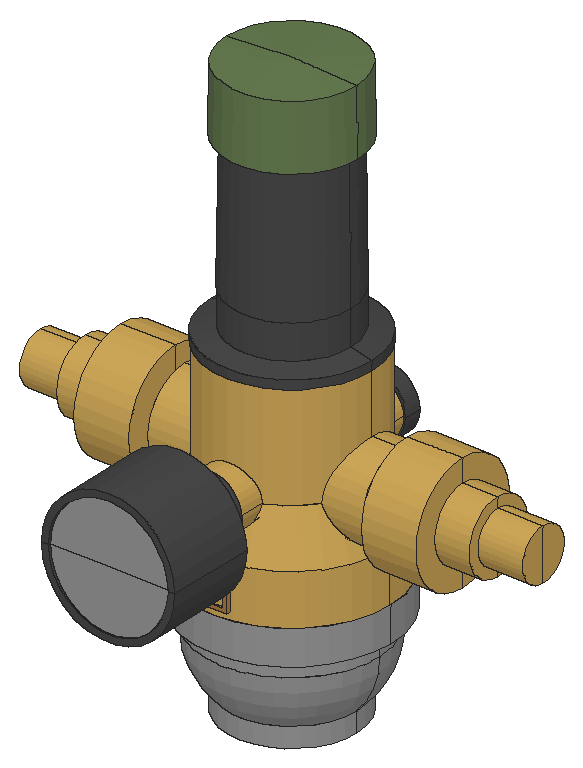
Revit family "Druckminderer mit Kunststoffkappe 2682", category Rohrzubehör, Revit 2021
Family settings
  Bemaßung runder Anschluss = Durchmesser verwenden
  Teiletyp = Unterbricht
  OmniClass-Nummer = 23.65.55.14
  OmniClass-Titel = Valves for Liquid Services
  Arbeitsebenenbasiert = Nein
  Immer vertikal = Ja
  Beim Laden mit Abzugskörper schneiden = Nein
  Gemeinsam genutzt = Nein
Parameters (values of type "Manometer vorne")
  Werkseinstellung (sekundärseitig) = 300000.0 Pa  # constant formula
  W01 = 91.00°  # constant formula
  Vorne [instance] = yes
  Vorgabe-Ansicht = 0.000 mm
  VRL03 [instance] = size_lookup("2682_K_", "VRL3", 1.000 mm, Nennweite)  # 23.500 mm
  VRL02 [instance] = size_lookup("2682_K_", "VRL2", 1.000 mm, Nennweite)  # 16.000 mm
  VRL01 [instance] = size_lookup("2682_K_", "VRL1", 1.000 mm, Nennweite)  # 73.500 mm
  VRD02 [instance] = size_lookup("2682_K_", "VRD2", 1.000 mm, Nennweite)  # 17.000 mm
  VRD01 [instance] = size_lookup("2682_K_", "VRD1", 1.000 mm, Nennweite)  # 10.500 mm
  VRAG [instance] = Nennweite / 2  # 7.500 mm
  URL = "www.herz-armaturen.at"
  Standard = "EN 1567"  # constant formula
  SC_NennweiteBerechnet = 0
  SC_Dimension = ""
  SCTWSEQ = "AW;SBT_TYP_AW=\"111\";2"
  SCTWCODE = "04;24;02"  # constant formula
  S02 = 10.000 mm  # constant formula
  S01 [instance] = VRD02 * 2  # 34.000 mm
  R07 [instance] = R05 + 0.800 mm  # 9.300 mm
  R06 = 19.500 mm  # constant formula
  R05 [instance] = size_lookup("2682_K_", "R5", 1.000 mm, Nennweite)  # 8.500 mm
  R04 [instance] = size_lookup("2682_K_", "R4", 1.000 mm, Nennweite)  # 18.900 mm
  R03 [instance] = size_lookup("2682_K_", "R3", 1.000 mm, Nennweite)  # 19.250 mm
  R02 [instance] = size_lookup("2682_K_", "R2", 1.000 mm, Nennweite)  # 28.750 mm
  R01 [instance] = size_lookup("2682_K_", "R1", 1.000 mm, Nennweite)  # 23.250 mm
  Oberteile = "PA6.6"  # constant formula
  Nennweite [instance] = 15.000 mm
  Membrane = "EPDM"  # constant formula
  Medium = "Wasser"  # constant formula
  Max. Vordruck (primärseitig) = 1600000.0 Pa  # constant formula
  Max. Betriebstemperatur = 40 °C  # constant formula
  Maschenweite Filter = "0.3 mm"  # constant formula
  Manometerskala = "0 - 10 bar"  # constant formula
  Manometeranschluss (beidseitig) = "1/4\" F (ISO 228-1)"
  LO01 [instance] = H02 - 2.000 mm  # 27.000 mm
  L01 [instance] = size_lookup("2682_K_", "L1", 1.000 mm, Nennweite)  # 10.600 mm
  L00 [instance] = size_lookup("2682_K_", "L", 1.000 mm, Nennweite)  # 84.000 mm
  Kappe = "PA12, transparent"  # constant formula
  Holländeranschlüsse = "Messing CW617N"  # constant formula
  Hinweis = "Gemäß Art 33 der REACH-Verordnung (EG Nr. 1907/2006) sind wir verpflichtet, darauf hinzuweisen, dass der Stoff Blei auf der SVHC-Liste geführt wird und dass alle aus Messing bestehenden Bauteile, die in unseren Erzeugnissen verarbeitet sind, mehr als 0,1 % (w/w) Blei (CAS: 7439-92-1 / EINECS: 231-100-4) enthalten.\r\nDa Blei als Legierungsbestandteil fest gebunden ist, sind keine Expositionen zu erwarten und daher sind keine zusätzlichen Angaben zur sicheren Verwendung notwendig."
  Hinten [instance] = no
  Hersteller = "HERZ Armaturen Ges.m.b.H."  # constant formula
  Handgriff = "PA 6.6, grün"  # constant formula
  H12 [instance] = size_lookup("2682_K_", "H12", 1.000 mm, Nennweite)  # 5.800 mm
  H11 [instance] = size_lookup("2682_K_", "H11", 1.000 mm, Nennweite)  # 10.000 mm
  H10 [instance] = size_lookup("2682_K_", "H10", 1.000 mm, Nennweite)  # 37.000 mm
  H09 [instance] = H01 + H04 - H05  # 84.500 mm
  H08 [instance] = size_lookup("2682_K_", "H8", 1.000 mm, Nennweite)  # 20.000 mm
  H07 [instance] = size_lookup("2682_K_", "H7", 1.000 mm, Nennweite)  # 10.000 mm
  H06 [instance] = size_lookup("2682_K_", "H6", 1.000 mm, Nennweite)  # 2.500 mm
  H05 [instance] = size_lookup("2682_K_", "H5", 1.000 mm, Nennweite)  # 4.700 mm
  H04 [instance] = size_lookup("2682_K_", "H4", 1.000 mm, Nennweite)  # 58.700 mm
  H03 [instance] = D02 + 1.000 mm  # 14.220 mm
  H02 [instance] = size_lookup("2682_K_", "H2", 1.000 mm, Nennweite)  # 29.000 mm
  H01 [instance] = size_lookup("2682_K_", "H1", 1.000 mm, Nennweite)  # 30.500 mm
  Gehäuse (DN32-DN50) = "Gussmessing (EN 1982; CC770S)"  # constant formula
  Gehäuse (DN15-DN25) = "geschmiedetes Messing (EN 12165; CW626N)"  # constant formula
  GT1 [instance] = size_lookup("2682_K_", "GT1", 1.000 mm, Nennweite)  # 12.000 mm
  GT [instance] = size_lookup("2682_K_", "GT", 1.000 mm, Nennweite)  # 13.200 mm
  Filter = "Edelstahl"  # constant formula
  Federführung = "Edelstahl"  # constant formula
  Feder = "Federstahl"  # constant formula
  Einstellbereich (sekundärseitig) = "1.5 - 6 bar"  # constant formula
  Dichtung im Druckreduziererelement = "EPDM"  # constant formula
  Dichtung der Holländeranschlüsse = "Klingersil C-4324"  # constant formula
  D09 [instance] = size_lookup("2682_K_", "D9", 1.000 mm, Nennweite)  # 19.000 mm
  D08 [instance] = size_lookup("2682_K_", "D8", 1.000 mm, Nennweite)  # 25.800 mm
  D07 [instance] = size_lookup("2682_K_", "D7", 1.000 mm, Nennweite)  # 29.000 mm
  D06 [instance] = size_lookup("2682_K_", "D6", 1.000 mm, Nennweite)  # 16.000 mm
  D05 [instance] = size_lookup("2682_K_", "D5", 1.000 mm, Nennweite)  # 16.800 mm
  D04 [instance] = size_lookup("2682_K_", "D4", 1.000 mm, Nennweite)  # 17.300 mm
  D03 [instance] = size_lookup("2682_K_", "D3", 1.000 mm, Nennweite)  # 23.500 mm
  D02 [instance] = size_lookup("2682_K_", "D2", 1.000 mm, Nennweite)  # 13.220 mm
  D01 [instance] = size_lookup("2682_K_", "D1", 1.000 mm, Nennweite)  # 9.525 mm
  Bestellnummer [instance] = size_lookup("2682_K_", "Artnr", 0, Nennweite)  # 1268211
  B03 = 5.000 mm  # constant formula
  B02 = 26.000 mm  # constant formula
  B01 [instance] = size_lookup("2682_K_", "B1", 1.000 mm, Nennweite)  # 30.000 mm
  B00 [instance] = size_lookup("2682_K_", "B", 1.000 mm, Nennweite)  # 67.000 mm
  Außengewinde = "gemäß ISO 7-1 und ISO228"  # constant formula
  Anwendung = "Typischerweise dient der Druckreduzierer dazu, Installationen beziehungsweise Anlagen vor zu hohem Druck zu schützen.\r\nWeiters können Druckreduzierer in Heizungsanlagen eingesetzt werden, um zu hohe Drücke im Boiler zu verhindern.\r\nDer Druck nach dem Druckreduzierer ist im angegebenen Bereich einstellbar und steht nicht im Zusammenhang mit dem Vordruck.\r\nUm den Druck nach dem Druckreduzierer zu steigern, muss der Handgriff im Uhrzeigersinn gedreht werden.\r\nDurch das Einstellen von Drücken, welche die vorgegebene Skala überschreiten, können Schäden am Druckreduzierer entstehen.\r\nWir empfehlen einen maximalen Hinterdruck sekundärseitig von 4 bar für Anlagen in privaten Haushalten (lange Produktlebensdauer, geringe Kosten).\r\nNach jeder Änderung des Einstellwertes muss die Ausgangsseite druckentlastet werden, zum Beispiel durch Wasserzapfen."
Types (3, lengths in mm): name | Vorne | Hinten
  (no name) | yes | no
  Manometer vorne | yes | no
  Manometer hinten | no | yes
Reference planes
  plane 1 "Mitte (Vorne/hinten)": y = 0
  plane 2: z = 0
  plane 3 "Mitte (Links/rechts)": x = 0
Forms (mm)
  Revolve 1, solid, material "Messing, weicher Gelbton, geschweißt", detail levels fine
    sketch origin (0, 0, 0) x (1, 0, 0) y (0, 0, 1)
      loop
        line (-42, 0) -> (42, 0) -> (42, 9.525) -> (31.4, 9.525) -> (31.4, 13.22) -> (-31.4, 13.22) -> (-31.4, 9.525) -> (-42, 9.525) -> (-42, 0)
      axis (-42, 0) -> (42, 0)
    angle from 0 to 360
  Revolve 2, solid, material "Messing, weicher Gelbton, geschweißt", detail levels fine
    sketch origin (0, 0, 0) x (1, 0, 0) y (0, 0, 1)
      loop
        line (0, -29) -> (28.75, -29) -> (28.75, -14.22) -> (23.25, 0) -> (23.25, 30.5) -> (0, 30.5) -> (0, -29)
      axis (0, 30.5) -> (0, -29)
    angle from 0 to 360
  Revolve 3, solid, material "Acetalharz, Schwarz", detail levels fine
    sketch origin (0, 0, 0) x (1, 0, 0) y (0, 0, 1)
      loop
        line (0, 30.5) -> (0, 89.2) -> (-16, 89.2) -> (-16, 84.5) -> (-16.8, 84.5) -> (-17.3, 44.5) -> (-17.3, 34.5) -> (-23.5, 33) -> (-23.5, 30.5) -> (0, 30.5)
      axis (0, 89.2) -> (0, 30.5)
    angle from 0 to 360
  Revolve 4, solid, material "Kunststoff GRÜN", detail levels fine
    sketch origin (0, 0, 0) x (1, 0, 0) y (0, 0, 1)
      loop
        line (0, 84.5) -> (19.25, 84.5) -> (18.9, 103.392)
        arc (18.9, 103.392) -> (9.466, 104.223) -> (0, 104.5) r 161.794
        line (0, 104.5) -> (0, 84.5)
      axis (0, 104.5) -> (0, 84.5)
    angle from 0 to 360
  Revolve 5, solid, material "Kunststoff, transparent", detail levels fine
    sketch origin (0, 0, 0) x (1, 0, 0) y (0, 0, 1)
      loop
        line (0, -29) -> (0, -66) -> (19, -66) -> (19, -60.2)
        arc (19, -60.2) -> (24.034, -52.577) -> (25.8, -43.615) r 23.626
        line (25.8, -43.615) -> (25.8, -39) -> (29, -39) -> (29, -29) -> (0, -29)
      axis (0, -29) -> (0, -66)
    angle from 0 to 360
  Revolve 6, solid, material "Messing, weicher Gelbton, geschweißt", detail levels fine
    sketch origin (0, 0, 0) x (1, 0, 0) y (0, 0, 1)
      loop
        line (34, 9.525) -> (46, 9.525) -> (46, 0) -> (73.5, 0) -> (73.5, 7.5) -> (60.3, 7.5) -> (60.3, 10.5) -> (50, 10.5) -> (50, 17) -> (34, 17) -> (34, 9.525)
      loop
        line (-34, 9.525) -> (-34, 17) -> (-50, 17) -> (-50, 10.5) -> (-60.3, 10.5) -> (-60.3, 7.5) -> (-73.5, 7.5) -> (-73.5, 0) -> (-46, 0) -> (-46, 9.525) -> (-34, 9.525)
      axis (-73.5, 0) -> (73.5, 0)
    angle from 0 to 360
  Revolve 7, solid, material "Messing, weicher Gelbton, geschweißt", detail levels fine
    sketch origin (0, 0, 0) x (1, 0, 0) y (0, 1, 0)
      loop
        line (0, 30) -> (0, -30) -> (8.5, -30) -> (8.5, 30) -> (0, 30)
      axis (0, 30) -> (0, -30)
    angle from 0 to 360
  Revolve 8, solid, material "Acetalharz, Schwarz", visible <- "Vorne", detail levels fine
    sketch origin (0, 0, 0) x (1, 0, 0) y (0, 1, 0)
      loop
        line (0, -30) -> (0, -65) -> (17.5, -65) -> (17.5, -67) -> (19.5, -67) -> (19.5, -41) -> (9.3, -41) -> (9.3, -30) -> (0, -30)
      axis (0, -30) -> (0, -67)
    angle from 0 to 360
  Revolve 9, solid, material "Acetalharz, Schwarz", visible <- "Vorne", detail levels fine
    sketch origin (0, 0, 0) x (1, 0, 0) y (0, 1, 0)
      loop
        line (0, 30) -> (9.3, 30) -> (9.3, 35) -> (0, 35) -> (0, 30)
      axis (0, 35) -> (0, 30)
    angle from 0 to 360
  Revolve 10, solid, material "Acetalharz, Schwarz", visible <- "Hinten", detail levels fine
    sketch origin (0, 0, 0) x (1, 0, 0) y (0, -1, 0)
      loop
        line (0, 30) -> (9.3, 30) -> (9.3, 35) -> (0, 35) -> (0, 30)
      axis (0, 35) -> (0, 30)
    angle from 0 to 360
  Revolve 11, solid, material "Acetalharz, Weiß", visible <- "Vorne", detail levels fine
    sketch origin (0, 0, 0) x (1, 0, 0) y (0, 1, 0)
      loop
        line (0, -65) -> (0, -66.5) -> (17.5, -66.5) -> (17.5, -65) -> (0, -65)
      axis (0, -65) -> (0, -66.5)
    angle from 0 to 360
  Revolve 12, solid, material "Acetalharz, Schwarz", visible <- "Hinten", detail levels fine
    sketch origin (0, 0, 0) x (1, 0, 0) y (0, -1, 0)
      loop
        line (0, -30) -> (0, -65) -> (17.5, -65) -> (17.5, -67) -> (19.5, -67) -> (19.5, -41) -> (9.3, -41) -> (9.3, -30) -> (0, -30)
      axis (0, -30) -> (0, -67)
    angle from 0 to 360
  Revolve 13, solid, material "Acetalharz, Weiß", visible <- "Hinten", detail levels fine
    sketch origin (0, 0, 0) x (1, 0, 0) y (0, -1, 0)
      loop
        line (0, -65) -> (0, -66.5) -> (17.5, -66.5) -> (17.5, -65) -> (0, -65)
      axis (0, -65) -> (0, -66.5)
    angle from 0 to 360
Lines and regions (mm)
  model lines, detail levels coarse+medium
    curve 1: line (-42, 0, -17) -> (-42, 0, 17)
    curve 2: line (-42, 0, 17) -> (42, 0, -34)
    curve 3: line (42, 0, -34) -> (42, 0, 34)
    curve 4: line (42, 0, 34) -> (-42, 0, -17)
    curve 5: line (-42, 0, 17) -> (-52, 0, 17)
    curve 6: line (-52, 0, 17) -> (-42, 0, 0)
    curve 7: line (-42, 0, -17) -> (-52, 0, -17)
    curve 8: line (-52, 0, -17) -> (-42, 0, 0)
    curve 9: line (-42, 0, 0) -> (-73.5, 0, 0)
    curve 10: line (42, 0, 17) -> (52, 0, 17)
    curve 11: line (52, 0, 17) -> (42, 0, 0)
    curve 12: line (42, 0, -17) -> (52, 0, -17)
    curve 13: line (52, 0, -17) -> (42, 0, 0)
    curve 14: line (42, 0, 0) -> (73.5, 0, 0)
    curve 15: line (-42, -17, 0) -> (-42, 17, 0)
    curve 16: line (-42, 17, 0) -> (42, -34, 0)
    curve 17: line (42, -34, 0) -> (42, 34, 0)
    curve 18: line (42, 34, 0) -> (-42, -17, 0)
    curve 19: line (-42, 17, 0) -> (-52, 17, 0)
    curve 20: line (-52, 17, 0) -> (-42, 0, 0)
    curve 21: line (-42, -17, 0) -> (-52, -17, 0)
    curve 22: line (-52, -17, 0) -> (-42, 0, 0)
    curve 23: line (42, 0, -17) -> (42, 0, 17)
    curve 24: line (42, 0, 17) -> (52, 0, 17)
    curve 25: line (52, 0, 17) -> (42, 0, 0)
    curve 26: line (42, 17, 0) -> (52, 17, 0)
    curve 27: line (52, 17, 0) -> (42, 0, 0)
    curve 28: line (42, -17, 0) -> (52, -17, 0)
    curve 29: line (52, -17, 0) -> (42, 0, 0)
Dimensions and locks
  equal spacing: Revolve 1 sketch curve, plane 3 "Mitte (Links/rechts)", Revolve 1 sketch curve
  "L00": Revolve 1 sketch curve to Revolve 1 sketch curve
  "L01": Revolve 1 sketch curve to Revolve 1 sketch curve  (x2)
  "D01": Revolve 1 sketch curve to Revolve 1 sketch curve  (x2)
  "D02": Revolve 1 sketch curve to plane 2
  "R01": Revolve 2 sketch curve to Revolve 2 sketch curve
  "R02": Revolve 2 sketch curve to Revolve 2 sketch curve
  "H01": Revolve 2 sketch curve to plane 2
  "H02": plane 2 to Revolve 2 sketch curve
  "H03": plane 2 to Revolve 2 sketch curve
  "H01": Revolve 3 sketch curve to plane 2
  "H04": Revolve 3 sketch curve to Revolve 3 sketch curve
  "H05": Revolve 3 sketch curve to Revolve 3 sketch curve
  "H06": Revolve 3 sketch curve to Revolve 3 sketch curve
  "H07": Revolve 3 sketch curve to Revolve 3 sketch curve
  "D03": Revolve 3 sketch curve to Revolve 3 sketch curve
  "D04": Revolve 3 sketch curve to Revolve 3 sketch curve
  "D05": Revolve 3 sketch curve to Revolve 3 sketch curve
  "D06": Revolve 3 sketch curve to Revolve 3 sketch curve
  "R03": Revolve 4 sketch curve to Revolve 4 sketch curve
  "H08": Revolve 4 sketch curve to Revolve 4 sketch curve
  "R04": Revolve 4 sketch curve to plane 3 "Mitte (Links/rechts)"
  "H09": Revolve 4 sketch curve to plane 2
  "H10": Revolve 5 sketch curve to Revolve 5 sketch curve
  "H02": plane 2 to Revolve 5 sketch curve
  "D07": Revolve 5 sketch curve to Revolve 5 sketch curve
  "H11": Revolve 5 sketch curve to Revolve 5 sketch curve
  "D08": Revolve 5 sketch curve to Revolve 5 sketch curve
  "H12": Revolve 5 sketch curve to Revolve 5 sketch curve
  "D09": Revolve 5 sketch curve to Revolve 5 sketch curve
  "VRL02": Revolve 6 sketch curve to Revolve 6 sketch curve  (x2)
  "VRL01": Revolve 6 sketch curve to plane 3 "Mitte (Links/rechts)"
  "GT": Revolve 6 sketch curve to Revolve 6 sketch curve  (x2)
  "VRL03": Revolve 6 sketch curve to Revolve 6 sketch curve  (x2)
  "D01": Revolve 6 sketch curve to plane 2  (x2)
  "GT1": Revolve 6 sketch curve to Revolve 6 sketch curve  (x2)
  "VRAG": Revolve 6 sketch curve to plane 2  (x2)
  "VRD01": Revolve 6 sketch curve to plane 2  (x2)
  "VRD02": Revolve 6 sketch curve to Revolve 6 sketch curve  (x2)
  "VRL01": plane 3 "Mitte (Links/rechts)" to Revolve 6 sketch curve
  "B01": Revolve 7 sketch curve to plane 1 "Mitte (Vorne/hinten)" to Revolve 7 sketch curve
  "R05": Revolve 7 sketch curve to Revolve 7 sketch curve
  "B00": Revolve 8 sketch curve to plane 1 "Mitte (Vorne/hinten)"
  "B01": plane 1 "Mitte (Vorne/hinten)" to Revolve 8 sketch curve
  "B02": Revolve 8 sketch curve to Revolve 8 sketch curve
  "R06": Revolve 8 sketch curve to Revolve 8 sketch curve
  "R07": Revolve 8 sketch curve to Revolve 8 sketch curve
  "R02": nested 1 to plane 1 "Mitte (Vorne/hinten)"
  "LO01": plane 2 to nested 1
  "VRD02": curve 2 to plane 2 to curve 4
  "S01": curve 4 to plane 2 to curve 3
  equal spacing: curve 3, plane 3 "Mitte (Links/rechts)", curve 1
  "L00": curve 3 to curve 1
  "S02": curve 1 to curve 6
  "S02": curve 1 to curve 8
  "VRL01": plane 3 "Mitte (Links/rechts)" to curve 9
  "S02": curve 11 to curve 3
  "S02": curve 13 to curve 3
  "VRL01": curve 14 to plane 3 "Mitte (Links/rechts)"
  "VRD02": curve 10 to plane 2 to curve 12
  equal spacing: curve 15, plane 3 "Mitte (Links/rechts)", curve 17
  "L00": curve 15 to curve 17
  "VRD02": curve 18 to plane 1 "Mitte (Vorne/hinten)" to curve 16
  "S01": curve 17 to plane 1 "Mitte (Vorne/hinten)" to curve 18
  "S02": curve 20 to curve 15
  "S02": curve 22 to curve 15
  "S02": curve 17 to curve 27
  "S02": curve 17 to curve 29
  "VRD02": curve 28 to plane 1 "Mitte (Vorne/hinten)" to curve 26
  "R07": Revolve 9 sketch curve to Revolve 9 sketch curve
  "B01": plane 1 "Mitte (Vorne/hinten)" to Revolve 9 sketch curve
  "B03": Revolve 9 sketch curve to Revolve 9 sketch curve
  "R07": Revolve 10 sketch curve to Revolve 10 sketch curve
  "B03": Revolve 10 sketch curve to Revolve 10 sketch curve
  "B01": Revolve 10 sketch curve to plane 1 "Mitte (Vorne/hinten)"
  "B02": Revolve 12 sketch curve to Revolve 12 sketch curve
  "R06": Revolve 12 sketch curve to Revolve 12 sketch curve
  "R07": Revolve 12 sketch curve to Revolve 12 sketch curve
  aligned and locked: level to plane 2
Automatic sketch dimensions
  Revolve 11 sketch curve to plane 3 "Mitte (Links/rechts)" = 0.000 mm  (x2)
  plane 3 "Mitte (Links/rechts)" to Revolve 11 sketch curve = 17.500 mm
  plane 1 "Mitte (Vorne/hinten)" to Revolve 11 sketch curve = 66.500 mm
  Revolve 11 sketch curve to Revolve 11 sketch curve = 1.500 mm
  Revolve 11 sketch curve to Revolve 11 sketch curve = 1933.500 mm
  Revolve 11 sketch curve to plane 1 "Mitte (Vorne/hinten)" = 2000.000 mm
  Revolve 13 sketch curve to plane 3 "Mitte (Links/rechts)" = 0.000 mm  (x2)
  Revolve 13 sketch curve to plane 3 "Mitte (Links/rechts)" = 17.500 mm
  plane 1 "Mitte (Vorne/hinten)" to Revolve 13 sketch curve = 66.500 mm
  Revolve 13 sketch curve to Revolve 13 sketch curve = 1.500 mm
  Revolve 13 sketch curve to Revolve 13 sketch curve = 1933.500 mm
  Revolve 13 sketch curve to plane 1 "Mitte (Vorne/hinten)" = 2000.000 mm
  curve 25 to level = 0.000 mm
  curve 14 to level = 0.000 mm
  curve 6 to level = 0.000 mm
  curve 8 to level = 0.000 mm
  curve 24 to curve 10 = 0.000 mm
  plane 1 "Mitte (Vorne/hinten)" to curve 29 = 0.000 mm
  plane 1 "Mitte (Vorne/hinten)" to curve 20 = 0.000 mm
  Revolve 1 sketch curve to level = 0.000 mm  (x2)
  Revolve 1 sketch curve to Revolve 1 sketch curve = 1464.530 mm
  Revolve 1 sketch curve to Revolve 1 sketch curve = 1797.148 mm
  Revolve 2 sketch curve to plane 3 "Mitte (Links/rechts)" = 0.000 mm  (x2)
  Revolve 2 sketch curve to level = 0.000 mm
  Revolve 2 sketch curve to Revolve 2 sketch curve = 337.045 mm
  Revolve 2 sketch curve to Revolve 2 sketch curve = 2183.815 mm
  Revolve 3 sketch curve to plane 3 "Mitte (Links/rechts)" = 0.000 mm  (x2)
  Revolve 3 sketch curve to Revolve 3 sketch curve = 1.500 mm
  Revolve 3 sketch curve to level = 366.045 mm
  Revolve 3 sketch curve to Revolve 3 sketch curve = 2125.115 mm
  Revolve 4 sketch curve to plane 3 "Mitte (Links/rechts)" = 0.000 mm  (x2)
  Revolve 4 sketch curve to level = 57.294 mm
  Revolve 4 sketch curve to Revolve 4 sketch curve = 308.751 mm
  Revolve 4 sketch curve to Revolve 4 sketch curve = 2109.815 mm
  Revolve 5 sketch curve to plane 3 "Mitte (Links/rechts)" = 0.000 mm  (x2)
  plane 3 "Mitte (Links/rechts)" to Revolve 5 sketch curve = 2.174 mm
  Revolve 5 sketch curve to Revolve 5 sketch curve = 300.045 mm
  level to Revolve 5 sketch curve = 2214.315 mm
  Revolve 6 sketch curve to level = 0.000 mm  (x3)
  Revolve 6 sketch curve to Revolve 6 sketch curve = 1433.030 mm
  Revolve 6 sketch curve to Revolve 6 sketch curve = 1765.648 mm
  Revolve 7 sketch curve to plane 3 "Mitte (Links/rechts)" = 0.000 mm  (x2)
  Revolve 7 sketch curve to Revolve 7 sketch curve = 1950.000 mm  (x2)
  Revolve 8 sketch curve to plane 3 "Mitte (Links/rechts)" = 0.000 mm  (x2)
  Revolve 8 sketch curve to Revolve 8 sketch curve = 2.000 mm  (x2)
  Revolve 8 sketch curve to Revolve 8 sketch curve = 0.000 mm
  Revolve 8 sketch curve to plane 1 "Mitte (Vorne/hinten)" = 2000.000 mm
  Revolve 9 sketch curve to plane 3 "Mitte (Links/rechts)" = 0.000 mm  (x2)
  plane 1 "Mitte (Vorne/hinten)" to Revolve 9 sketch curve = 2000.000 mm
  Revolve 9 sketch curve to Revolve 9 sketch curve = 1963.119 mm
  Revolve 10 sketch curve to plane 3 "Mitte (Links/rechts)" = 0.000 mm  (x2)
  plane 1 "Mitte (Vorne/hinten)" to Revolve 10 sketch curve = 2000.000 mm
  Revolve 10 sketch curve to Revolve 10 sketch curve = 1963.119 mm
  Revolve 12 sketch curve to plane 3 "Mitte (Links/rechts)" = 0.000 mm  (x2)
  Revolve 12 sketch curve to Revolve 12 sketch curve = 2.000 mm  (x2)
  plane 1 "Mitte (Vorne/hinten)" to Revolve 12 sketch curve = 67.000 mm
  Revolve 12 sketch curve to Revolve 12 sketch curve = 11.000 mm
  Revolve 12 sketch curve to Revolve 12 sketch curve = 0.000 mm
  Revolve 12 sketch curve to plane 1 "Mitte (Vorne/hinten)" = 2000.000 mm
Nested families
  nested 1: "Herz-Logo-vorne" at (0, -28.75, -22.5) x (0, 1, 0) z (0, 0, 1), type "Herz-Logo-vorne", detail levels fine
Connectors
  piping at (73.5, 0, 0), diameter 15, driven by "Nennweite"
    settings: on Revolve 6, index 1, connector inside diameter 609.6 mm, connector length 0.000 mm, flow factor 0, pipe flow 0.0 L/s, pressure drop 0.0 Pa, fitting loss kfactor 0, connector angle 0.00°, fixture units 0, engagement length 0.000 mm, angle of deflection 0.00°, flow configuration 0, flow direction 2, fitting loss method 0, system type 29, joint type 0, gender type 0, connector reference index -1, connector utility 0, adjustable connector no, is connector primary yes, connector description ""
  piping at (-73.5, 0, 0), diameter 15, driven by "Nennweite"
    settings: on Revolve 6, index 2, connector inside diameter 609.6 mm, connector length 0.000 mm, flow factor 0, pipe flow 0.0 L/s, pressure drop 0.0 Pa, fitting loss kfactor 0, connector angle 0.00°, fixture units 0, engagement length 0.000 mm, angle of deflection 0.00°, flow configuration 0, flow direction 1, fitting loss method 0, system type 29, joint type 0, gender type 0, connector reference index -1, connector utility 0, adjustable connector no, is connector primary no, connector description ""
Definition of nested family "Herz-Logo-vorne"
  Parameters (values of type "Herz-Logo-vorne")
    Default Elevation = 0.000 mm
  Reference planes
    plane 1 "Mitte (Vorne/hinten)": y = 0
    plane 2: z = 0
    plane 3 "Mitte (Links/rechts)": x = 0
  Forms (mm)
    Extrusion 1, solid
      sketch origin (0.732, -0.018, 0.017) x (0, -1, 0) y (0, 0, 1)
        loop
          line (-0.018, -4.517) -> (4.482, -4.517) -> (4.482, 4.483) -> (-4.518, 4.483) -> (-4.518, -4.517) -> (-0.018, -4.517)
        loop
          line (-0.05, -3.48) -> (3.482, -3.48) -> (3.482, 3.483) -> (-3.518, 3.483) -> (-3.518, -3.48) -> (-0.05, -3.48)
        loop
          arc (-0.018, 2.383) -> (-1.543, 3.287) -> (-3.067, 2.383) r 1.738
          arc (-3.067, 2.383) -> (-3.191, 1.899) -> (-3.067, 1.415) r 1.009
          line (-3.067, 1.415) -> (-0.018, -3.281) -> (3.032, 1.415)
          arc (3.032, 1.415) -> (3.156, 1.899) -> (3.032, 2.383) r 1.009
          arc (3.032, 2.383) -> (1.507, 3.287) -> (-0.018, 2.383) r 1.738
        loop
          arc (1.885, 1.272) -> (2.005, 1.675) -> (1.885, 2.079) r 0.74
          arc (1.885, 2.079) -> (1.265, 2.416) -> (0.644, 2.079) r 0.74
          line (0.644, 2.079) -> (-0.018, 0.97) -> (-0.679, 2.079)
          arc (-0.679, 2.079) -> (-1.3, 2.416) -> (-1.921, 2.079) r 0.74
          arc (-1.921, 2.079) -> (-2.04, 1.675) -> (-1.921, 1.272) r 0.74
          line (-1.921, 1.272) -> (-0.018, -1.658) -> (1.885, 1.272)
      from 0 to 1.5
  Dimensions and locks
    aligned and locked: level to plane 2
